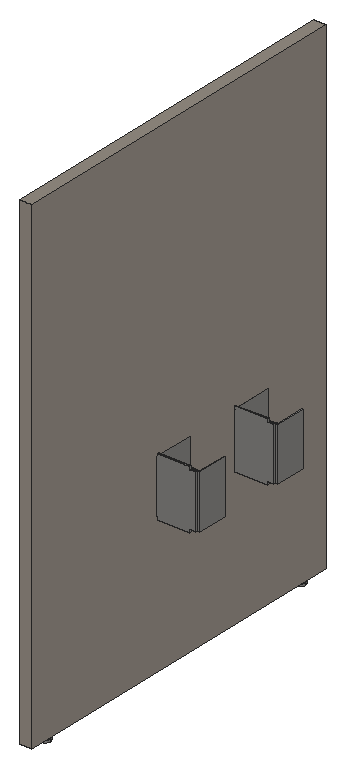
Revit family "Casual_Space_Division-Teknion-HNBTSS_Navigate_Single_Sided_End_of_Run_Screen_Solid-R2016", category Furniture, Revit 2016
Family settings
  OmniClass Number = 23.40.20.00
  OmniClass Title = General Furniture and Specialties
  Work Plane-Based = No
  Always vertical = Yes
  Cut with Voids When Loaded = No
  Shared = Yes
  Room Calculation Point = No
Parameters (values of type "42"h x 24"w")
  Width = 31.000"
  Warranty = "http://www.teknion.com/ca/papers/legal-canada"
  Unit Weight URL = "http://www.teknion.com/ca/tools/assets#&asset=bee6a381-b954-425e-8283-5a2de3a804f2,f828d448-4b62-4231-9e5f-9a8991c0ed77"
  URL = "www.teknion.com"
  To render please download texture images found here [instance] = "https://assets.teknion.com/web/5e81352c1dfdb467/revit-material-swatches/"
  Sustainability Data = "https://www.teknion.com/ca/tools/assets#&topic=216f99a5-57a0-44fc-b10a-9dee9b29ae4c&asset=444deb64-fe58-4b68-981e-f75e97781df7,b4ff2d81-9f2e-437d-9659-7cffb09c31cf"
  Series = "Navigate Height-Adjustable Bench"  # constant formula
  Screen Finish [instance] = Veneer - Teknion - Q9 - Mercurial Walnut
  Product Page URL = "https://www.teknion.com/ca/products/product-details?productLineId=7951336e-8e7a-673b-a6c8-ff00004460c4"
  Product Line = "Navigate Height-Adjustable Bench"  # constant formula
  Product Documentation Link = "https://www.teknion.com/pricing/hab/pdfs/HNBTSS_ppg.pdf"
  Part Number = "HNBTSS"  # constant formula
  Model = "HNBTSS4224_"
  Manufacturer Phone = "416-661-3370"  # constant formula
  Manufacturer Fax = "416.661.4586"  # constant formula
  Manufacturer Contact Information = "http://www.teknion.com/ca/contactus"
  Manufacturer Address = "1150 Flint Road, Toronto, ON. M3J 2J5. Canada"  # constant formula
  Manufacturer = "Teknion"  # constant formula
  How To Use Teknion Materials User Guide [instance] = "https://assets.teknion.com/m/205dd0a49fa58060/original/How-to-add-a-Material-Library-and-Texture-Images-to-your-Revit-project.pdf"
  Height = 41.575"
  For Additional Finishes please visit [instance] = "https://assets.teknion.com/m/44a8009b046e5d47/original/Teknion_Materials_Library.zip"
  Description = "Navigate Single-Sided End of Run Screen – Solid, 42\" Height, 24\" Width"
  Bracket Finish [instance] = Seamless Paint - Teknion - 24 - Greystone
  Assembly Code = "E2020200"
Types (5): name | Width | Model | Height | Description
  (no name) | 31.000" | "HNBTSS4224_" | 41.575" | "Navigate Single-Sided End of Run Screen – Solid, 42\" Height, 24\" Width"
  42"h x 24"w | 31.000" | "HNBTSS4224_" | 41.575" | "Navigate Single-Sided End of Run Screen – Solid, 42\" Height, 24\" Width"
  42"h x 30"w | 37.000" | "HNBTSS4230_" | 41.575" | "Navigate Single-Sided End of Run Screen – Solid, 42\" Height, 30\" Width"
  51"h x 30"w | 37.000" | "HNBTSS5130_" | 50.575" | "Navigate Single-Sided End of Run Screen – Solid, 51\" Height, 30\" Width"
  51"h x 24"w | 31.000" | "HNBTSS5124_" | 50.575" | "Navigate Single-Sided End of Run Screen – Solid, 51\" Height, 24\" Width"
Reference planes (in)
  plane 1 "Center Front/Back": y = -3.47493
  plane 2: z = 0
  plane 3 "Center Left/Right": x = 0
  plane 4 "Left": x = -0.5
  plane 5 "Right": x = 0.5
  plane 6 "Back": y = 12.02507
  plane 7 "Front": y = -18.97493
  plane 8 "Top": z = 41.575
  plane 9: x = 4.1175
Forms (in)
  Sweep 1, solid, material "Veneer - Teknion - Q9 - Mercurial Walnut" <- "Screen Finish"
    path origin (0, 0, 0) x (0, 1, 0) y (0, 0, 1)
      loop
        line (-3.47493, 0.375) -> (-3.47493, 41.575)
    profile origin (0, -3.47493, 20.975) x (0, -1, 0) y (1, 0, 0)
      loop
        line (-15.5, -0.5) -> (15.5, -0.5) -> (15.5, 0.5) -> (-15.5, 0.5) -> (-15.5, -0.5)
  Sweep 2, solid, material "Seamless Paint - Teknion - 24 - Greystone" <- "Bracket Finish"
    path origin (2.57811, 1.48132, -0.043) x (0, 1, 0) y (0, 0, 1)
      loop
        line (-4.95625, 17.045) -> (-4.95625, 12.045)
    profile origin (2.57811, -3.47493, 14.502) x (1, 0, 0) y (0, 1, 0)
      loop
        line (-1.97311, 1.074) -> (-2.07811, 1.074) -> (-2.07811, -2.426) -> (1.29689, -2.426) -> (1.29689, -2.321) -> (-1.97311, -2.321) -> (-1.97311, 1.074)
      loop
        line (-1.97311, 9.299) -> (-2.07811, 9.299) -> (-2.07811, 5.799) -> (1.29689, 5.799) -> (1.29689, 5.904) -> (-1.97311, 5.904) -> (-1.97311, 9.299)
  Sweep 3, void
    path origin (5.02399, 1.48132, 0) x (1, 0, 0) y (0, 1, 0)
      loop
        line (-5.02399, -13.0558) -> (-5.02399, 8.8162)
    profile origin (0, -0.63848, 0) x (-1, 0, 0) y (0, 0, 1)
      loop
        line (-0.636, 16.752) -> (-0.5, 16.752) -> (-0.5, 17.002) -> (-0.636, 17.002) -> (-0.636, 16.752)
      loop
        line (-3.94399, 16.752) -> (-3.375, 16.752) -> (-3.375, 17.002) -> (-3.94399, 17.002) -> (-3.94399, 16.752)
      loop
        line (-0.636, 12.002) -> (-0.5, 12.002) -> (-0.5, 12.252) -> (-0.636, 12.252) -> (-0.636, 12.002)
      loop
        line (-3.94399, 12.002) -> (-3.375, 12.002) -> (-3.375, 12.252) -> (-3.94399, 12.252) -> (-3.94399, 12.002)
  Sweep 4, solid, material "Seamless Paint - Teknion - 24 - Greystone" <- "Bracket Finish"
    path origin (7.6021, -0.63848, -0.043) x (-1, 0, 0) y (0, 0, 1)
      loop
        line (7.6021, 16.795) -> (7.6021, 12.295)
    profile origin (0, -0.63848, 14.502) x (0, 1, 0) y (-1, 0, 0)
      loop
        line (-5.09744, -1.1175) -> (-5.09744, -4.1175) -> (-2.47244, -4.1175) -> (-2.47244, -4.0125) -> (-4.99244, -4.0125) -> (-4.99244, -1.1175) -> (-5.09744, -1.1175)
      loop
        line (3.12756, -1.1175) -> (3.12756, -4.1175) -> (5.75256, -4.1175) -> (5.75256, -4.0125) -> (3.23256, -4.0125) -> (3.23256, -1.1175) -> (3.12756, -1.1175)
  Sweep 5, solid, material "Seamless Paint - Teknion - 24 - Greystone" <- "Bracket Finish"
    path origin (0, -2.1198, 0) x (-1, 0, 0) y (0, 0, 1)
      loop
        line (0, 0) -> (0, 0.125)
    profile origin (0, -2.1198, 0.0625) x (1, 0, 0) y (0, 1, 0)
      loop
        circle (0, -14.84404) r 0.43901
      loop
        circle (0, 12.13379) r 0.43901
  Sweep 6, solid, material "Seamless Paint - Teknion - 24 - Greystone" <- "Bracket Finish"
    path origin (0, -2.1198, 0) x (-1, 0, 0) y (0, 0, 1)
      loop
        line (0, 0.125) -> (0, 0.275)
    profile origin (0, -2.1198, 0.2) x (1, 0, 0) y (0, 1, 0)
      loop
        circle (0, 12.13203) r 0.25
      loop
        circle (0, -14.84228) r 0.25
  Sweep 7, solid, material "Seamless Paint - Teknion - 24 - Greystone" <- "Bracket Finish"
    path origin (0, -2.1198, 0) x (-1, 0, 0) y (0, 0, 1)
      loop
        line (0, 0.49121) -> (0, 0.275)
    profile origin (0, -2.1198, 0.3831) x (0, 1, 0) y (-1, 0, 0)
      loop
        circle (-14.84308, 0) r 0.18746
      loop
        circle (12.13283, 0) r 0.18746
Cuts and joins
  Sweep 3 cuts Sweep 2
  Sweep 3 cuts Sweep 4
Lines and regions (in)
  Masking region 1
    outline origin (0, 0, 0) x (1, 0, 0) y (0, 1, 0)
      loop
        line (-0.5, 12.02507) -> (-0.5, -18.97493) -> (0.5, -18.97493) -> (0.5, 12.02507) -> (-0.5, 12.02507)
  symbolic lines, style "FurnitureHiddenLines", detail levels fine
    curve 1: arc (-0.43901, 10.01399, 0) -> (0, 10.453, 0) -> (0.43901, 10.01399, 0) r 0.43901
    curve 2: arc (0.43901, 10.01399, 0) -> (0, 9.57497, 0) -> (-0.43901, 10.01399, 0) r 0.43901
    curve 3: arc (0, 10.2005, 0) -> (-0.18746, 10.01303, 0) -> (0, 9.82557, 0) r 0.18746
    curve 4: arc (0, 9.82557, 0) -> (0.18746, 10.01303, 0) -> (0, 10.2005, 0) r 0.18746
    curve 5: arc (-0.25, 10.01223, 0) -> (0, 10.26223, 0) -> (0.25, 10.01223, 0) r 0.25
    curve 6: arc (0.25, 10.01223, 0) -> (0, 9.76223, 0) -> (-0.25, 10.01223, 0) r 0.25
    curve 7: arc (-0.43901, -16.96384, 0) -> (0, -16.52483, 0) -> (0.43901, -16.96384, 0) r 0.43901
    curve 8: arc (0.43901, -16.96384, 0) -> (0, -17.40285, 0) -> (-0.43901, -16.96384, 0) r 0.43901
    curve 9: arc (-0.25, -16.96208, 0) -> (0, -16.71208, 0) -> (0.25, -16.96208, 0) r 0.25
    curve 10: arc (0.25, -16.96208, 0) -> (0, -17.21208, 0) -> (-0.25, -16.96208, 0) r 0.25
    curve 11: arc (0, -16.77542, 0) -> (-0.18746, -16.96289, 0) -> (0, -17.15035, 0) r 0.18746
    curve 12: arc (0, -17.15035, 0) -> (0.18746, -16.96289, 0) -> (0, -16.77542, 0) r 0.18746
    curve 35: line (3.375, -5.90093, 0) -> (3.375, -5.79593, 0)
    curve 36: line (0.636, -5.79593, 0) -> (0.636, -5.90093, 0)
    curve 37: line (0.636, 2.42907, 0) -> (0.636, 2.32407, 0)
    curve 38: line (3.375, 2.32407, 0) -> (3.375, 2.42907, 0)
  symbolic lines, style "FurnitureHiddenLines", detail levels medium+fine
    curve 13: line (0.605, 5.82407, 0) -> (0.5, 5.82407, 0)
    curve 14: line (0.605, 2.42907, 0) -> (0.605, 5.82407, 0)
    curve 15: line (3.875, 2.42907, 0) -> (0.605, 2.42907, 0)
    curve 16: line (3.875, 2.32407, 0) -> (3.875, 2.42907, 0)
    curve 17: line (0.5, 2.32407, 0) -> (3.875, 2.32407, 0)
    curve 18: line (4.0125, 2.59407, 0) -> (1.1175, 2.59407, 0)
    curve 19: line (1.1175, 2.59407, 0) -> (1.1175, 2.48907, 0)
    curve 20: line (1.1175, 2.48907, 0) -> (4.1175, 2.48907, 0)
    curve 21: line (4.1175, 2.48907, 0) -> (4.1175, 5.11407, 0)
    curve 22: line (4.1175, 5.11407, 0) -> (4.0125, 5.11407, 0)
    curve 23: line (4.0125, 5.11407, 0) -> (4.0125, 2.59407, 0)
    curve 24: line (0.605, -2.40093, 0) -> (0.5, -2.40093, 0)
    curve 25: line (0.605, -5.79593, 0) -> (0.605, -2.40093, 0)
    curve 26: line (3.875, -5.79593, 0) -> (0.605, -5.79593, 0)
    curve 27: line (3.875, -5.90093, 0) -> (3.875, -5.79593, 0)
    curve 28: line (0.5, -5.90093, 0) -> (3.875, -5.90093, 0)
    curve 29: line (4.0125, -5.63093, 0) -> (1.1175, -5.63093, 0)
    curve 30: line (1.1175, -5.63093, 0) -> (1.1175, -5.73593, 0)
    curve 31: line (1.1175, -5.73593, 0) -> (4.1175, -5.73593, 0)
    curve 32: line (4.1175, -5.73593, 0) -> (4.1175, -3.11093, 0)
    curve 33: line (4.1175, -3.11093, 0) -> (4.0125, -3.11093, 0)
    curve 34: line (4.0125, -3.11093, 0) -> (4.0125, -5.63093, 0)
Dimensions and locks (in)
  plane 4 "Left" to plane 3 "Center Left/Right" to plane 5 "Right" to plane 9 = 0.500" locked, 0.500" locked, 3.6175" locked
  "Width": plane 6 "Back" to plane 7 "Front"
  "Height": plane 8 "Top" to level
  equal spacing: plane 7 "Front", plane 1 "Center Front/Back", plane 6 "Back"
  locked: Sweep 1 sketch curve to plane 2 at 0.375
  Sweep 2 sketch curve to Sweep 2 sketch curve to plane 2 = 5.000" locked, 12.002" locked
  Sweep 2 sketch curve to Sweep 2 sketch curve to plane 1 "Center Front/Back" to Sweep 2 sketch curve = 0.105" locked, 2.321" locked, 1.074" locked
  plane 9 to Sweep 3 sketch curve to Sweep 3 sketch curve to Sweep 3 sketch curve to Sweep 3 sketch curve to Sweep 3 sketch curve to Sweep 3 sketch curve = 0.17351" locked, 0.000" locked, 0.56899" locked, 0.000" locked, 2.739" locked, 0.000" locked
  plane 2 to Sweep 3 sketch curve to Sweep 3 sketch curve to Sweep 3 sketch curve to Sweep 3 sketch curve to Sweep 3 sketch curve to Sweep 3 sketch curve to Sweep 3 sketch curve to Sweep 3 sketch curve = 12.002" locked, 0.000" locked, 0.250" locked, 0.000" locked, 4.500" locked, 0.000" locked, 0.250" locked, 0.000" locked
  Sweep 4 sketch curve to Sweep 4 sketch curve to level = 4.500" locked, 12.252" locked
  Sweep 4 sketch curve to plane 1 "Center Front/Back" to Sweep 4 sketch curve to Sweep 4 sketch curve = 0.364" locked, 2.156" locked, 0.105" locked
  Sweep 2 sketch curve to Sweep 2 sketch curve to Sweep 2 sketch curve to Sweep 2 sketch curve to plane 9 = 0.000" locked, 3.270" locked, 0.000" locked, 0.2425" locked
  Sweep 2 sketch curve to Sweep 2 sketch curve to Sweep 2 sketch curve to plane 6 "Back" = 0.105" locked, 3.395" locked, 6.201" locked
  Sweep 6 sketch curve to Sweep 6 sketch curve to plane 2 = 0.150" locked, 0.125" locked
  Sweep 7 sketch curve to Sweep 7 sketch curve to plane 2 = 0.21621" locked, 0.275" locked
  plane 6 "Back" to Sweep 4 sketch curve to Sweep 4 sketch curve to Sweep 4 sketch curve = 6.911" locked, 2.520" locked, 0.105" locked
  Sweep 4 sketch curve to Sweep 4 sketch curve to Sweep 4 sketch curve to Sweep 4 sketch curve to plane 9 = 0.000" locked, 2.895" locked, 0.000" locked, 0.105" locked
  Sweep 3 sketch curve to plane 1 "Center Front/Back" to Sweep 3 sketch curve = 8.09956" locked, 13.77244" locked
  locked: plane 3 "Center Left/Right" to Sweep 7 sketch curve at 0  (x2)
  locked: plane 7 "Front" to Sweep 7 sketch curve at 2.01204
  locked: plane 6 "Back" to Sweep 7 sketch curve at 2.01204
  locked: plane 7 "Front" to Sweep 6 sketch curve at 2.01285
  locked: plane 3 "Center Left/Right" to Sweep 6 sketch curve at 0
  locked: Sweep 6 sketch curve to plane 3 "Center Left/Right" at 0
  locked: plane 6 "Back" to Sweep 6 sketch curve at 2.01285
  locked: Sweep 5 sketch curve to plane 2 at 0.125
  locked: plane 3 "Center Left/Right" to Sweep 5 sketch curve at 0  (x2)
  locked: plane 6 "Back" to Sweep 5 sketch curve at 2.01109
  locked: plane 7 "Front" to Sweep 5 sketch curve at 2.01109
  aligned and locked: level to plane 2
  aligned and locked: plane 8 "Top" to Sweep 1 sketch curve
  aligned and locked: Sweep 1 sketch curve to plane 4 "Left"
  aligned and locked: Sweep 1 sketch curve to plane 6 "Back"
  aligned and locked: Sweep 1 sketch curve to plane 5 "Right"
  aligned and locked: Sweep 1 sketch curve to plane 7 "Front"
  aligned and locked: plane 1 "Center Front/Back" to Sweep 1 sketch curve
  aligned and locked: plane 9 to Sweep 4 sketch curve  (x2)
  aligned and locked: Sweep 2 sketch curve to plane 5 "Right"  (x2)
  aligned and locked: Sweep 2 sketch curve to plane 1 "Center Front/Back"
  aligned and locked: Sweep 4 sketch curve to plane 3 "Center Left/Right"
  aligned and locked: plane 3 "Center Left/Right" to Sweep 3 sketch curve
  aligned and locked: Sweep 7 sketch curve to plane 3 "Center Left/Right"
  aligned and locked: plane 3 "Center Left/Right" to Sweep 6 sketch curve
  aligned and locked: plane 3 "Center Left/Right" to Sweep 5 sketch curve
  aligned and locked: plane 2 to Sweep 5 sketch curve
  aligned and locked: Masking region 1 sketch curve to plane 6 "Back"
  aligned and locked: Masking region 1 sketch curve to plane 4 "Left"
  aligned and locked: Masking region 1 sketch curve to plane 5 "Right"
  aligned and locked: Masking region 1 sketch curve to plane 7 "Front"
  aligned and locked: curve 1 to Sweep 5
  aligned and locked: curve 2 to Sweep 5
  aligned and locked: curve 3 to Sweep 7
  aligned and locked: curve 4 to Sweep 7
  aligned and locked: curve 5 to Sweep 6
  aligned and locked: curve 6 to Sweep 6
  aligned and locked: curve 7 to Sweep 5
  aligned and locked: curve 8 to Sweep 5
  aligned and locked: curve 9 to Sweep 6
  aligned and locked: curve 10 to Sweep 6
  aligned and locked: curve 11 to Sweep 7
  aligned and locked: curve 12 to Sweep 7
  aligned and locked: curve 13 to cut or joined group of Sweep 2, Sweep 3
  aligned and locked: curve 14 to cut or joined group of Sweep 2, Sweep 3
  aligned and locked: curve 15 to cut or joined group of Sweep 2, Sweep 3
  aligned and locked: curve 16 to cut or joined group of Sweep 2, Sweep 3
  aligned and locked: curve 17 to cut or joined group of Sweep 2, Sweep 3
  aligned and locked: curve 18 to cut or joined group of Sweep 3, Sweep 4
  aligned and locked: curve 19 to cut or joined group of Sweep 3, Sweep 4
  aligned and locked: curve 20 to cut or joined group of Sweep 3, Sweep 4
  aligned and locked: curve 21 to cut or joined group of Sweep 3, Sweep 4
  aligned and locked: curve 22 to cut or joined group of Sweep 3, Sweep 4
  aligned and locked: curve 23 to cut or joined group of Sweep 3, Sweep 4
  aligned and locked: curve 24 to cut or joined group of Sweep 2, Sweep 3
  aligned and locked: curve 25 to cut or joined group of Sweep 2, Sweep 3
  aligned and locked: curve 26 to cut or joined group of Sweep 2, Sweep 3
  aligned and locked: curve 27 to cut or joined group of Sweep 2, Sweep 3
  aligned and locked: curve 28 to cut or joined group of Sweep 2, Sweep 3
  aligned and locked: curve 29 to cut or joined group of Sweep 3, Sweep 4
  aligned and locked: curve 30 to cut or joined group of Sweep 3, Sweep 4
  aligned and locked: curve 31 to cut or joined group of Sweep 3, Sweep 4
  aligned and locked: curve 32 to cut or joined group of Sweep 3, Sweep 4
  aligned and locked: curve 33 to cut or joined group of Sweep 3, Sweep 4
  aligned and locked: curve 34 to cut or joined group of Sweep 3, Sweep 4
  aligned and locked: curve 35 to cut or joined group of Sweep 2, Sweep 3
  aligned and locked: curve 36 to cut or joined group of Sweep 2, Sweep 3
  aligned and locked: curve 37 to cut or joined group of Sweep 2, Sweep 3
  aligned and locked: curve 38 to cut or joined group of Sweep 2, Sweep 3
Automatic sketch dimensions
  Sweep 3 sketch curve to Sweep 3 sketch curve = 0.136"  (x2)
  curve 13 to plane 5 "Right" = 0.000"
  curve 17 to plane 5 "Right" = 0.000"
  curve 24 to plane 5 "Right" = 0.000"
  curve 28 to plane 5 "Right" = 0.000"
  radius of Sweep 7 sketch curve = 0.18746"  (x2)
  radius of Sweep 6 sketch curve = 0.250"  (x2)
  radius of Sweep 5 sketch curve = 0.43901"  (x2)
